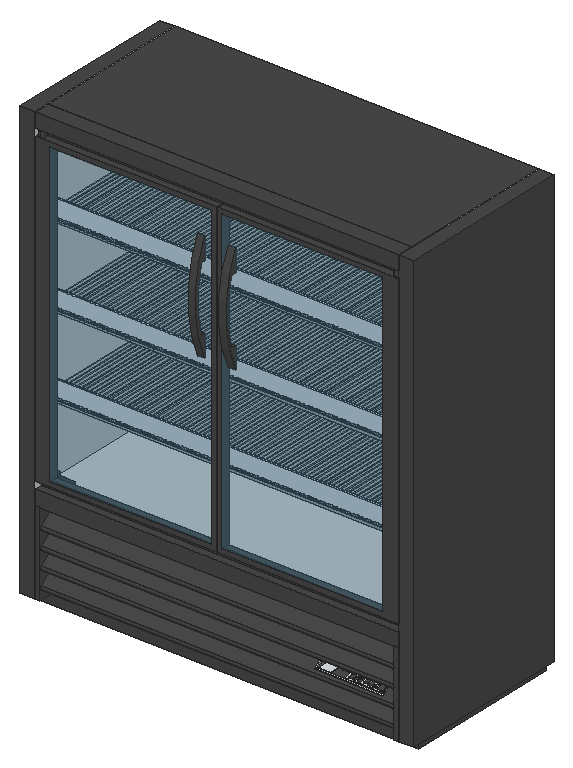
Revit family "QF_TRUE_TVM-48SL-54-HC~VM01", category Specialty Equipment, Revit 2016
Family settings
  Part Type = Normal
  Round Connector Dimension = Use Diameter
  Work Plane-Based = No
  Always vertical = Yes
  Cut with Voids When Loaded = No
  Shared = No
  Room Calculation Point = No
Parameters
  Weight in Pounds = 0
  Watts = if(Phase = 3, Volts * FL Amps * 1.73, Volts * FL Amps)  # 230 W
  Volts = 115 V
  URL Cutsheet = ""
  Specification by User = ""
  Specification by Manufacturer = ""
  Show Seismic Flanged [instance] = no
  Show Logo [instance] = yes
  Show Default [instance] = if(Show 2.5 Inches Castors, or(Show 6 Inches Legs, Show Seismic Flanged), if(Show Seismic Flanged, Show 6 Inches Legs, not(or(Show 6 Inches Legs, Show Seismic Flanged, Show 2.5 Inches Castors))))  # yes
  Show Clearance [instance] = yes
  Show 6 Inches Legs [instance] = no
  Show 2.5 Inches Castors [instance] = no
  Serial Number = ""
  Seismic Rating = ""
  Seismic Flanged [instance] = and(Show Seismic Flanged, not(Show Default))  # no
  SMACNA No = ""
  Revision Code = ""
  Phase = 1
  Number of Poles = 1
  NAFEM Spec ID Number = ""
  Model = "TVM-48SL-54-HC~VM01"
  Min Ckt Ampacity = 0 A
  Max Overcurrent Protection = 0 A
  Masterspec = ""
  Manufacturer = "TRUE"
  Length = 47 1/8"
  Item Number = ""
  Installed By = ""
  Identify Quantity as Lot = yes
  Height [instance] = Body Height + Base Height  # 53 7/8"
  HP = "1/4\""
  Furnished By = ""
  Foodservice Equipment Identifier = yes
  FL Amps = 2 A
  Electrical Remarks = ""
  Electric Connection Type = ""
  Elec Conn RI Height = 0"
  Elec Conn Connection Height = 0"
  Description = "SLIM LINE REFRIGERATOR WITH HYDROCARBON REFRIGERANT~VISUAL MERCHANDISER VERSION 01"
  Depth = 21"
  Cycle = 60 Hz
  Conn Plug = "NEMA 5-15P"
  Conn Conduit = yes
  CSI MasterFormat = ""
  Body Height = 53 5/8"  # constant formula
  Base Height [instance] = if(Show Default, 1/4", if(Show 2.5 Inches Castors, 2 1/2", if(Show 6 Inches Legs, 6", if(Show Seismic Flanged, 6", 1/4"))))  # 1/4"
  Apparent Power = if(Phase = 3, Volts * FL Amps * 1.73, Volts * FL Amps)  # 230 VA
  6 Inches Legs [instance] = and(Show 6 Inches Legs, not(Show Default))  # no
  2.5 Inches Caster [instance] = and(Show 2.5 Inches Castors, not(Show Default))  # no
Reference planes (in)
  plane 1 "BACK": y = 0
  plane 2: z = 0
  plane 3 "LEFT": x = 0
  plane 4 "RIGHT": x = 47.125
  plane 5 "FRONT": y = -21
  plane 6 "TOP": z = 0.25
  plane 7 "Center Y": x = 23.5625
  plane 8 "Center X": y = -10.5
  plane 9: z = 53.875
Dimensions and locks (in)
  equal spacing: plane 3 "LEFT", plane 7 "Center Y", plane 4 "RIGHT"
  "Length": plane 3 "LEFT" to plane 4 "RIGHT"
  equal spacing: plane 5 "FRONT", plane 8 "Center X", plane 1 "BACK"
  "Depth": plane 5 "FRONT" to plane 1 "BACK"
  "Base Height": plane 6 "TOP" to level
  "Body Height": plane 9 to plane 6 "TOP"
  aligned and locked: plane 2 to level
  aligned and locked: nested 1 to plane 6 "TOP"
Nested families (in)
  nested 1: "TVM-48SL-54-HC-VM01" at (0, 0, -0.03897), Show Clearance <- "Show Clearance", Show Logo <- "Show Logo", type "TVM-48SL-54-HC-VM01"
    with Show Clearance yes
  nested 2: "TRUE_L6_C3.25" at (2.125, -17.11577, 0), Show Default <- "Show Default", Show 2.5 Inches Caster <- "2.5 Inches Caster", Show 6 Inches Legs <- "6 Inches Legs", Show Seismic Flanged <- "Seismic Flanged", type "TRUE_L6_C3.25"
    with Type Mark "", Specification by User "", Show Seismic Flanged no, Show Default yes, Show 6 Inches Legs no, Show 2.5 Inches Caster no, Revision Code "", Item Number "", Installed By "", Identify Quantity as Lot yes, Furnished By "", Foodservice Equipment Identifier yes
  nested 3: "TRUE_L6_C3.25" at (45.00419, -17.11577, 0), Show Default <- "Show Default", Show 2.5 Inches Caster <- "2.5 Inches Caster", Show 6 Inches Legs <- "6 Inches Legs", Show Seismic Flanged <- "Seismic Flanged", type "TRUE_L6_C3.25"
    with Type Mark "", Specification by User "", Show Seismic Flanged no, Show Default yes, Show 6 Inches Legs no, Show 2.5 Inches Caster no, Revision Code "", Item Number "", Installed By "", Identify Quantity as Lot yes, Furnished By "", Foodservice Equipment Identifier yes
  nested 4: "TRUE_L6_C3.25" at (2.125, -3.04048, 0), Show Default <- "Show Default", Show 2.5 Inches Caster <- "2.5 Inches Caster", Show 6 Inches Legs <- "6 Inches Legs", Show Seismic Flanged <- "Seismic Flanged", type "TRUE_L6_C3.25"
    with Type Mark "", Specification by User "", Show Seismic Flanged no, Show Default yes, Show 6 Inches Legs no, Show 2.5 Inches Caster no, Revision Code "", Item Number "", Installed By "", Identify Quantity as Lot yes, Furnished By "", Foodservice Equipment Identifier yes
  nested 5: "TRUE_L6_C3.25" at (45.00419, -3.04048, 0), Show Default <- "Show Default", Show 2.5 Inches Caster <- "2.5 Inches Caster", Show 6 Inches Legs <- "6 Inches Legs", Show Seismic Flanged <- "Seismic Flanged", type "TRUE_L6_C3.25"
    with Type Mark "", Specification by User "", Show Seismic Flanged no, Show Default yes, Show 6 Inches Legs no, Show 2.5 Inches Caster no, Revision Code "", Item Number "", Installed By "", Identify Quantity as Lot yes, Furnished By "", Foodservice Equipment Identifier yes
Connectors (in)
  electrical at (23.5625, 0.5, 7.70089), driven by "Volts", driven by "Watts"
    settings: on nested 1, index 1, voltage 115 V, apparent load 230 VA, apparent load phase1 0 VA, apparent load phase2 0 VA, apparent load phase3 0 VA, power factor 1, load classification "Other", number of poles 1, system type 30, power factor state 1, is connector primary yes, connector utility no, sub classification motor no, connector description "ELECTRICAL CONNECTION"
Definition of nested family "TVM-48SL-54-HC-VM01"
  Parameters (values of type "TVM-48SL-54-HC-VM01")
    Weight in Pounds = 0
    Watts = if(Phase = 3, Volts * FL Amps * 1.73, Volts * FL Amps)  # 230 W
    Volts = 115 V
    URL Cutsheet = ""
    Specification by User = ""
    Specification by Manufacturer = ""
    Show Logo [instance] = yes
    Show Clearance [instance] = yes
    Serial Number = ""
    Seismic Rating = ""
    SMACNA No = ""
    Revision Code = ""
    Phase = 1
    Number of Poles = 1
    NAFEM Spec ID Number = ""
    Model = "TVM-48SL-54-HC~VM01"
    Min Ckt Ampacity = 0 A
    Max Overcurrent Protection = 0 A
    Materials and Finishes = none
    Masterspec = ""
    Manufacturer = "TRUE"
    Length = 47 1/8"
    Item Number = ""
    Installed By = ""
    Identify Quantity as Lot = yes
    Height = 53 7/8"
    HP = "1/4"
    Furnished By = ""
    Foodservice Equipment Identifier = yes
    FL Amps = 2 A
    Electrical Remarks = ""
    Electric Connection Type = ""
    Elec Conn RI Height = 0"
    Elec Conn Connection Height = 0"
    Description = "SLIM LINE REFRIGERATOR WITH HYDROCARBON REFRIGERANT~VISUAL MERCHANDISER VERSION 01"
    Depth = 21"
    Cycle = 60 Hz
    Conn Plug = "5-15P"
    Conn Conduit = yes
    CSI MasterFormat = ""
    Apparent Power = if(Phase = 3, Volts * FL Amps * 1.73, Volts * FL Amps)  # 230 VA
  Reference planes (in)
    plane 1 "BACK": y = 0
    plane 2: z = 0
    plane 3 "LEFT": x = 0
    plane 4 "RIGHT": x = 47.125
    plane 5 "FRONT": y = -21
    plane 6 "TOP": z = 53.875
    plane 7 "Center Y": x = 23.5625
    plane 8 "Center X": y = -10.5
    plane 9: y = -22.375
    plane 10: y = -41.125
  Forms (in)
    Extrusion 1, solid
      sketch origin (0, 0, 0) x (1, 0, 0) y (0, 0, 1)
        loop
          line (0, 53.875) -> (0, 1.625) -> (1.75, 1.625) -> (1.75, 53.875) -> (0, 53.875)
        loop
          line (47.125, 53.875) -> (45.375, 53.875) -> (45.375, 1.625) -> (47.125, 1.625) -> (47.125, 53.875)
      from 0 to 21
    Extrusion 2, solid
      sketch origin (0, 0, 0) x (1, 0, 0) y (0, 0, 1)
        loop
          line (1.75, 53.875) -> (1.75, 52.125) -> (45.375, 52.125) -> (45.375, 53.875) -> (1.75, 53.875)
        loop
          line (1.75, 13.44539) -> (1.75, 11.64787) -> (45.375, 11.64787) -> (45.375, 13.44539) -> (1.75, 13.44539)
      from 0 to 19
    Extrusion 3, solid
      sketch origin (0, -21, 0) x (1, 0, 0) y (0, 0, 1)
        loop
          line (1.75, 11.64787) -> (1.75, 1.625) -> (2.3321, 1.625) -> (2.3321, 11.64787) -> (1.75, 11.64787)
        loop
          line (45.375, 11.64787) -> (44.7929, 11.64787) -> (44.7929, 1.625) -> (45.375, 1.625) -> (45.375, 11.64787)
      from 0 to -2
    Extrusion 4, solid
      sketch origin (2.3321, -21, 11.64787) x (0, 0, -1) y (0, 1, 0)
        loop
          line (1.33553, 2) -> (0.70946, 2) -> (2.09835, 0.15689)
          arc (2.09835, 0.15689) -> (2.44846, 0.10768) -> (2.49767, 0.45779) r 0.25
          line (2.49767, 0.45779) -> (1.33553, 2)
        loop
          line (3.49178, 2) -> (2.86571, 2) -> (4.2546, 0.15689)
          arc (4.2546, 0.15689) -> (4.60471, 0.10768) -> (4.65392, 0.45779) r 0.25
          line (4.65392, 0.45779) -> (3.49178, 2)
        loop
          line (5.60436, 2) -> (4.97829, 2) -> (6.36718, 0.15689)
          arc (6.36718, 0.15689) -> (6.71729, 0.10768) -> (6.76649, 0.45779) r 0.25
          line (6.76649, 0.45779) -> (5.60436, 2)
        loop
          line (7.71694, 2) -> (7.09087, 2) -> (8.47976, 0.15689)
          arc (8.47976, 0.15689) -> (8.82987, 0.10768) -> (8.87907, 0.45779) r 0.25
          line (8.87907, 0.45779) -> (7.71694, 2)
      from 0 to 42.46081
    Extrusion 5, solid
      sketch origin (0, 0, 0) x (0, 1, 0) y (0, 0, 1)
        loop
          line (-19, 1.625) -> (-19, 0.28897) -> (0, 0.28897) -> (0, 1.625) -> (-19, 1.625)
      from 1.05016 to 46.1457
    Extrusion 6, solid, material <- "Materials and Finishes"
      sketch origin (0, -21, 0) x (1, 0, 0) y (0, 0, 1)
        loop
          line (1.75, 51.31124) -> (1.75, 14.31124) -> (23.5625, 14.31124) -> (23.5625, 51.31124) -> (1.75, 51.31124)
        loop
          line (3.625, 50.81124) -> (3.625, 14.87374) -> (22.92984, 14.87374) -> (22.92984, 50.81124) -> (3.625, 50.81124)
      from -1 to 0
    Extrusion 7, solid
      sketch origin (0, -21, 0) x (1, 0, 0) y (0, 0, 1)
        loop
          line (3.625, 50.81124) -> (3.625, 14.87374) -> (22.92984, 14.87374) -> (22.92984, 50.81124) -> (3.625, 50.81124)
      from -0.125 to 0
    Extrusion 8, solid, material <- "Materials and Finishes"
      sketch origin (47.125, -21, 0) x (-1, 0, 0) y (0, 0, -1)
        loop
          line (1.75, -51.31124) -> (23.5625, -51.31124) -> (23.5625, -14.31124) -> (1.75, -14.31124) -> (1.75, -51.31124)
        loop
          line (3.625, -50.81124) -> (22.92984, -50.81124) -> (22.92984, -14.87374) -> (3.625, -14.87374) -> (3.625, -50.81124)
      from -1 to 0
    Extrusion 9, solid
      sketch origin (47.125, -21, 0) x (-1, 0, 0) y (0, 0, -1)
        loop
          line (3.625, -50.81124) -> (22.92984, -50.81124) -> (22.92984, -14.87374) -> (3.625, -14.87374) -> (3.625, -50.81124)
      from -0.125 to 0
    Extrusion 10, solid
      sketch origin (0, 0, 0) x (-1, 0, 0) y (0, 0, 1)
        loop
          line (-45.375, 52.125) -> (-45.375, 13.44539) -> (-1.75, 13.44539) -> (-1.75, 52.125) -> (-45.375, 52.125)
        loop
          line (-45.375, 11.64787) -> (-45.375, 1.625) -> (-1.75, 1.625) -> (-1.75, 11.64787) -> (-45.375, 11.64787)
      from 0 to -0.5
    Extrusion 11, solid, material <- "Materials and Finishes"
      sketch origin (1.75, 0, 13.44539) x (1, 0, 0) y (0, 1, 0)
        loop
          circle (0.5821, -18.5) r 0.33333
      from 0.06973 to 0.86585
    Extrusion 12, solid, material <- "Materials and Finishes"
      sketch origin (1.75, 0, 13.44539) x (1, 0, 0) y (0, 1, 0)
        loop
          line (0.72509, -18.865) -> (2.54778, -18.34235) -> (2.54778, -18.12544) -> (0.57462, -18.12544)
          arc (0.57462, -18.12544) -> (0.19727, -18.5873) -> (0.72509, -18.865) r 0.38508
      from 0 to 0.06973
    Extrusion 13, solid, material <- "Materials and Finishes"
      sketch origin (1.75, 0, 13.51513) x (1, 0, 0) y (0, 1, 0)
        loop
          line (0.57462, -18.12544) -> (0.57462, -18.18084) -> (2.54778, -18.18084) -> (2.54778, -18.12544) -> (0.57462, -18.12544)
      from 0 to 0.34326
    Extrusion 14, solid
      sketch origin (45.375, 0, 13.44539) x (-1, 0, 0) y (0, -1, 0)
        loop
          circle (0.5821, 18.5) r 0.33333
      from 0.06973 to 0.86585
    Extrusion 15, solid
      sketch origin (45.375, 0, 13.44539) x (-1, 0, 0) y (0, -1, 0)
        loop
          arc (0.72509, 18.865) -> (0.19727, 18.5873) -> (0.57462, 18.12544) r 0.38508
          line (0.57462, 18.12544) -> (2.54778, 18.12544) -> (2.54778, 18.34235) -> (0.72509, 18.865)
      from 0 to 0.06973
    Extrusion 16, solid
      sketch origin (45.375, 0, 13.51513) x (-1, 0, 0) y (0, -1, 0)
        loop
          line (0.57462, 18.12544) -> (2.54778, 18.12544) -> (2.54778, 18.18084) -> (0.57462, 18.18084) -> (0.57462, 18.12544)
      from 0 to 0.34326
    Extrusion 17, solid, material <- "Materials and Finishes"
      sketch origin (1.75, 0, 52.125) x (0, -1, 0) y (-1, 0, 0)
        loop
          circle (20.5, -0.5821) r 0.33333
      from 0.06973 to 0.86585
    Extrusion 18, solid, material <- "Materials and Finishes"
      sketch origin (1.75, 0, 52.125) x (0, -1, 0) y (-1, 0, 0)
        loop
          arc (20.865, -0.72509) -> (20.5873, -0.19727) -> (20.12544, -0.57462) r 0.38508
          line (20.12544, -0.57462) -> (20.12544, -2.54778) -> (20.34235, -2.54778) -> (20.865, -0.72509)
      from 0 to 0.06973
    Extrusion 19, solid, material <- "Materials and Finishes"
      sketch origin (45.375, 0, 52.125) x (0, 1, 0) y (1, 0, 0)
        loop
          circle (-20.5, -0.5821) r 0.33333
      from 0.06973 to 0.86585
    Extrusion 20, solid, material <- "Materials and Finishes"
      sketch origin (45.375, 0, 52.125) x (0, 1, 0) y (1, 0, 0)
        loop
          line (-20.865, -0.72509) -> (-20.34235, -2.54778) -> (-20.12544, -2.54778) -> (-20.12544, -0.57462)
          arc (-20.12544, -0.57462) -> (-20.5873, -0.19727) -> (-20.865, -0.72509) r 0.38508
      from 0 to 0.06973
    Extrusion 21, solid, material <- "Materials and Finishes"
      sketch origin (1.75, 0, 51.71201) x (0, -1, 0) y (1, 0, 0)
        loop
          line (20.12544, 0.57462) -> (20.18084, 0.57462) -> (20.18084, 2.54778) -> (20.12544, 2.54778) -> (20.12544, 0.57462)
      from 0 to 0.34326
    Extrusion 22, solid, material <- "Materials and Finishes"
      sketch origin (45.375, 0, 51.71201) x (0, 1, 0) y (-1, 0, 0)
        loop
          line (-20.12544, 0.57462) -> (-20.12544, 2.54778) -> (-20.18084, 2.54778) -> (-20.18084, 0.57462) -> (-20.12544, 0.57462)
      from 0 to 0.34326
    Extrusion 23, solid
      sketch origin (0, 0, 0) x (0, 1, 0) y (0, 0, 1)
        loop
          arc (-21, 47.76679) -> (-22.42791, 41.18624) -> (-21, 34.60569) r 15.87728
          line (-21, 34.60569) -> (-21, 37.28351) -> (-21.42204, 37.28351)
          arc (-21.42204, 37.28351) -> (-21.59429, 37.34185) -> (-21.69564, 37.49287) r 0.28347
          arc (-21.69564, 37.49287) -> (-22.19319, 41.21217) -> (-21.70658, 44.93293) r 14.30744
          arc (-21.70658, 44.93293) -> (-21.63141, 45.04547) -> (-21.50325, 45.08898) r 0.21048
          line (-21.50325, 45.08898) -> (-21, 45.08898) -> (-21, 47.76679)
      from 21.28857 to 22.16773
    Extrusion 24, solid
      sketch origin (47.125, 0, 0) x (0, 1, 0) y (0, 0, -1)
        loop
          line (-21, -47.76679) -> (-21, -45.08898) -> (-21.50325, -45.08898)
          arc (-21.50325, -45.08898) -> (-21.63141, -45.04547) -> (-21.70658, -44.93293) r 0.21048
          arc (-21.70658, -44.93293) -> (-22.19319, -41.21217) -> (-21.69564, -37.49287) r 14.30744
          arc (-21.69564, -37.49287) -> (-21.59429, -37.34185) -> (-21.42204, -37.28351) r 0.28347
          line (-21.42204, -37.28351) -> (-21, -37.28351) -> (-21, -34.60569)
          arc (-21, -34.60569) -> (-22.42791, -41.18624) -> (-21, -47.76679) r 15.87728
      from 21.28857 to 22.16773
    Extrusion 25, solid
      sketch origin (0, 0, 0) x (-1, 0, 0) y (0, 0, 1)
        loop
          circle (-23.5625, 7.73985) r 0.5
      from 0 to 0.5
    Extrusion 26, solid
      sketch origin (0, 0, 0) x (1, 0, 0) y (0, 0, 1)
        loop
          line (1.75, 53.875) -> (1.75, 52.125) -> (45.375, 52.125) -> (45.375, 53.875) -> (1.75, 53.875)
        loop
          line (1.75, 13.44539) -> (1.75, 11.64787) -> (45.375, 11.64787) -> (45.375, 13.44539) -> (1.75, 13.44539)
      from 21 to 19
    Extrusion 27, solid, visible <- "Show Clearance", detail levels coarse
      sketch origin (0, 0, 0) x (1, 0, 0) y (0, 1, 0)
        loop
          line (1.75, -21) -> (1.75, -41.125)
          arc (1.75, -41.125) -> (16.55288, -35.49628) -> (22.92984, -21) r 20.5037
          line (22.92984, -21) -> (1.75, -21)
        loop
          line (45.375, -21) -> (24.19516, -21)
          arc (24.19516, -21) -> (30.57212, -35.49628) -> (45.375, -41.125) r 20.5037
          line (45.375, -41.125) -> (45.375, -21)
      from 14.31124 to 51.31124
    Extrusion 28, solid
      sketch origin (0, 0, 0) x (0, 1, 0) y (0, 0, 1)
        loop
          line (-20, 51.31124) -> (-20, 52.125) -> (-20.08655, 52.125) -> (-20.08655, 51.31124) -> (-20, 51.31124)
        loop
          line (-20, 14.31124) -> (-20.08655, 14.31124) -> (-20.08655, 13.44539) -> (-20, 13.44539) -> (-20, 14.31124)
      from 0 to 45.375
    Extrusion 29, solid
      sketch origin (-6.9261, -176.1875, 22.8653) x (-1, 0, 0) y (0, -1, 0)
        loop
          line (-8.70735, -175.875) -> (-8.70735, -156.1875) -> (-52.26985, -156.1875) -> (-52.26985, -175.875) -> (-8.70735, -175.875)
        loop
          line (-8.95735, -175.625) -> (-8.95735, -156.375) -> (-52.01985, -156.375) -> (-52.01985, -175.625) -> (-8.95735, -175.625)
      from 0 to 0.25
    Extrusion 30, solid
      sketch origin (0.03125, 3.8125, -3.61908) x (1, 0, 0) y (0, 0, 1)
        loop
          circle (10.1875, 26.73438) r 0.125
        loop
          circle (9.6875, 26.73438) r 0.125
        loop
          circle (9.1875, 26.73438) r 0.125
        loop
          circle (8.6875, 26.73438) r 0.125
        loop
          circle (8.1875, 26.73438) r 0.125
        loop
          circle (7.6875, 26.73438) r 0.125
        loop
          circle (7.1875, 26.73438) r 0.125
        loop
          circle (6.6875, 26.73438) r 0.125
        loop
          circle (6.1875, 26.73438) r 0.125
        loop
          circle (5.6875, 26.73438) r 0.125
        loop
          circle (5.1875, 26.73438) r 0.125
        loop
          circle (4.6875, 26.73438) r 0.125
        loop
          circle (4.1875, 26.73438) r 0.125
        loop
          circle (3.6875, 26.73438) r 0.125
        loop
          circle (3.1875, 26.73438) r 0.125
        loop
          circle (2.6875, 26.73438) r 0.125
        loop
          circle (2.1875, 26.73438) r 0.125
        loop
          circle (10.6875, 26.73438) r 0.125
        loop
          circle (11.1875, 26.73438) r 0.125
        loop
          circle (11.6875, 26.73438) r 0.125
        loop
          circle (12.1875, 26.73438) r 0.125
        loop
          circle (12.6875, 26.73438) r 0.125
        loop
          circle (13.1875, 26.73438) r 0.125
        loop
          circle (13.6875, 26.73438) r 0.125
        loop
          circle (14.1875, 26.73438) r 0.125
        loop
          circle (14.6875, 26.73438) r 0.125
        loop
          circle (15.1875, 26.73438) r 0.125
        loop
          circle (15.6875, 26.73438) r 0.125
        loop
          circle (16.1875, 26.73438) r 0.125
        loop
          circle (16.6875, 26.73438) r 0.125
        loop
          circle (17.1875, 26.73438) r 0.125
        loop
          circle (17.6875, 26.73438) r 0.125
        loop
          circle (18.1875, 26.73438) r 0.125
        loop
          circle (26.1875, 26.73438) r 0.125
        loop
          circle (25.6875, 26.73438) r 0.125
        loop
          circle (25.1875, 26.73438) r 0.125
        loop
          circle (24.6875, 26.73438) r 0.125
        loop
          circle (24.1875, 26.73438) r 0.125
        loop
          circle (23.6875, 26.73438) r 0.125
        loop
          circle (23.1875, 26.73438) r 0.125
        loop
          circle (22.6875, 26.73438) r 0.125
        loop
          circle (22.1875, 26.73438) r 0.125
        loop
          circle (21.6875, 26.73438) r 0.125
        loop
          circle (21.1875, 26.73438) r 0.125
        loop
          circle (20.6875, 26.73438) r 0.125
        loop
          circle (20.1875, 26.73438) r 0.125
        loop
          circle (19.6875, 26.73438) r 0.125
        loop
          circle (19.1875, 26.73438) r 0.125
        loop
          circle (18.6875, 26.73438) r 0.125
        loop
          circle (26.6875, 26.73438) r 0.125
        loop
          circle (27.1875, 26.73438) r 0.125
        loop
          circle (27.6875, 26.73438) r 0.125
        loop
          circle (28.1875, 26.73438) r 0.125
        loop
          circle (28.6875, 26.73438) r 0.125
        loop
          circle (29.1875, 26.73438) r 0.125
        loop
          circle (29.6875, 26.73438) r 0.125
        loop
          circle (30.1875, 26.73438) r 0.125
        loop
          circle (30.6875, 26.73438) r 0.125
        loop
          circle (31.1875, 26.73438) r 0.125
        loop
          circle (31.6875, 26.73438) r 0.125
        loop
          circle (32.1875, 26.73438) r 0.125
        loop
          circle (32.6875, 26.73438) r 0.125
        loop
          circle (33.1875, 26.73438) r 0.125
        loop
          circle (33.6875, 26.73438) r 0.125
        loop
          circle (34.1875, 26.73438) r 0.125
        loop
          circle (42.1875, 26.73438) r 0.125
        loop
          circle (41.6875, 26.73438) r 0.125
        loop
          circle (41.1875, 26.73438) r 0.125
        loop
          circle (40.6875, 26.73438) r 0.125
        loop
          circle (40.1875, 26.73438) r 0.125
        loop
          circle (39.6875, 26.73438) r 0.125
        loop
          circle (39.1875, 26.73438) r 0.125
        loop
          circle (38.6875, 26.73438) r 0.125
        loop
          circle (38.1875, 26.73438) r 0.125
        loop
          circle (37.6875, 26.73438) r 0.125
        loop
          circle (37.1875, 26.73438) r 0.125
        loop
          circle (36.6875, 26.73438) r 0.125
        loop
          circle (36.1875, 26.73438) r 0.125
        loop
          circle (35.6875, 26.73438) r 0.125
        loop
          circle (35.1875, 26.73438) r 0.125
        loop
          circle (34.6875, 26.73438) r 0.125
        loop
          circle (42.6875, 26.73438) r 0.125
        loop
          circle (43.1875, 26.73438) r 0.125
        loop
          circle (43.6875, 26.73438) r 0.125
        loop
          circle (44.1875, 26.73438) r 0.125
        loop
          circle (44.6875, 26.73438) r 0.125
      from 4.375 to 23.625
    Extrusion 31, solid
      sketch origin (0, 0, 0) x (0, 1, 0) y (0, 0, 1)
        loop
          line (-19.60938, 23.1153) -> (-19.35938, 23.1153) -> (-19.35938, 25.1153) -> (-19.60938, 25.1153) -> (-19.60938, 23.1153)
      from 0 to 45.375
    Extrusion 32, solid
      sketch origin (-6.9261, -176.1875, 32.5352) x (-1, 0, 0) y (0, -1, 0)
        loop
          line (-8.70735, -175.875) -> (-8.70735, -156.1875) -> (-52.26985, -156.1875) -> (-52.26985, -175.875) -> (-8.70735, -175.875)
        loop
          line (-8.95735, -175.625) -> (-8.95735, -156.375) -> (-52.01985, -156.375) -> (-52.01985, -175.625) -> (-8.95735, -175.625)
      from 0 to 0.25
    Extrusion 33, solid
      sketch origin (0.03125, 3.8125, 6.05082) x (1, 0, 0) y (0, 0, 1)
        loop
          circle (10.1875, 26.73438) r 0.125
        loop
          circle (9.6875, 26.73438) r 0.125
        loop
          circle (9.1875, 26.73438) r 0.125
        loop
          circle (8.6875, 26.73438) r 0.125
        loop
          circle (8.1875, 26.73438) r 0.125
        loop
          circle (7.6875, 26.73438) r 0.125
        loop
          circle (7.1875, 26.73438) r 0.125
        loop
          circle (6.6875, 26.73438) r 0.125
        loop
          circle (6.1875, 26.73438) r 0.125
        loop
          circle (5.6875, 26.73438) r 0.125
        loop
          circle (5.1875, 26.73438) r 0.125
        loop
          circle (4.6875, 26.73438) r 0.125
        loop
          circle (4.1875, 26.73438) r 0.125
        loop
          circle (3.6875, 26.73438) r 0.125
        loop
          circle (3.1875, 26.73438) r 0.125
        loop
          circle (2.6875, 26.73438) r 0.125
        loop
          circle (2.1875, 26.73438) r 0.125
        loop
          circle (10.6875, 26.73438) r 0.125
        loop
          circle (11.1875, 26.73438) r 0.125
        loop
          circle (11.6875, 26.73438) r 0.125
        loop
          circle (12.1875, 26.73438) r 0.125
        loop
          circle (12.6875, 26.73438) r 0.125
        loop
          circle (13.1875, 26.73438) r 0.125
        loop
          circle (13.6875, 26.73438) r 0.125
        loop
          circle (14.1875, 26.73438) r 0.125
        loop
          circle (14.6875, 26.73438) r 0.125
        loop
          circle (15.1875, 26.73438) r 0.125
        loop
          circle (15.6875, 26.73438) r 0.125
        loop
          circle (16.1875, 26.73438) r 0.125
        loop
          circle (16.6875, 26.73438) r 0.125
        loop
          circle (17.1875, 26.73438) r 0.125
        loop
          circle (17.6875, 26.73438) r 0.125
        loop
          circle (18.1875, 26.73438) r 0.125
        loop
          circle (26.1875, 26.73438) r 0.125
        loop
          circle (25.6875, 26.73438) r 0.125
        loop
          circle (25.1875, 26.73438) r 0.125
        loop
          circle (24.6875, 26.73438) r 0.125
        loop
          circle (24.1875, 26.73438) r 0.125
        loop
          circle (23.6875, 26.73438) r 0.125
        loop
          circle (23.1875, 26.73438) r 0.125
        loop
          circle (22.6875, 26.73438) r 0.125
        loop
          circle (22.1875, 26.73438) r 0.125
        loop
          circle (21.6875, 26.73438) r 0.125
        loop
          circle (21.1875, 26.73438) r 0.125
        loop
          circle (20.6875, 26.73438) r 0.125
        loop
          circle (20.1875, 26.73438) r 0.125
        loop
          circle (19.6875, 26.73438) r 0.125
        loop
          circle (19.1875, 26.73438) r 0.125
        loop
          circle (18.6875, 26.73438) r 0.125
        loop
          circle (26.6875, 26.73438) r 0.125
        loop
          circle (27.1875, 26.73438) r 0.125
        loop
          circle (27.6875, 26.73438) r 0.125
        loop
          circle (28.1875, 26.73438) r 0.125
        loop
          circle (28.6875, 26.73438) r 0.125
        loop
          circle (29.1875, 26.73438) r 0.125
        loop
          circle (29.6875, 26.73438) r 0.125
        loop
          circle (30.1875, 26.73438) r 0.125
        loop
          circle (30.6875, 26.73438) r 0.125
        loop
          circle (31.1875, 26.73438) r 0.125
        loop
          circle (31.6875, 26.73438) r 0.125
        loop
          circle (32.1875, 26.73438) r 0.125
        loop
          circle (32.6875, 26.73438) r 0.125
        loop
          circle (33.1875, 26.73438) r 0.125
        loop
          circle (33.6875, 26.73438) r 0.125
        loop
          circle (34.1875, 26.73438) r 0.125
        loop
          circle (42.1875, 26.73438) r 0.125
        loop
          circle (41.6875, 26.73438) r 0.125
        loop
          circle (41.1875, 26.73438) r 0.125
        loop
          circle (40.6875, 26.73438) r 0.125
        loop
          circle (40.1875, 26.73438) r 0.125
        loop
          circle (39.6875, 26.73438) r 0.125
        loop
          circle (39.1875, 26.73438) r 0.125
        loop
          circle (38.6875, 26.73438) r 0.125
        loop
          circle (38.1875, 26.73438) r 0.125
        loop
          circle (37.6875, 26.73438) r 0.125
        loop
          circle (37.1875, 26.73438) r 0.125
        loop
          circle (36.6875, 26.73438) r 0.125
        loop
          circle (36.1875, 26.73438) r 0.125
        loop
          circle (35.6875, 26.73438) r 0.125
        loop
          circle (35.1875, 26.73438) r 0.125
        loop
          circle (34.6875, 26.73438) r 0.125
        loop
          circle (42.6875, 26.73438) r 0.125
        loop
          circle (43.1875, 26.73438) r 0.125
        loop
          circle (43.6875, 26.73438) r 0.125
        loop
          circle (44.1875, 26.73438) r 0.125
        loop
          circle (44.6875, 26.73438) r 0.125
      from 4.375 to 23.625
    Extrusion 34, solid
      sketch origin (0, 0, 9.6699) x (0, 1, 0) y (0, 0, 1)
        loop
          line (-19.60938, 23.1153) -> (-19.35938, 23.1153) -> (-19.35938, 25.1153) -> (-19.60938, 25.1153) -> (-19.60938, 23.1153)
      from 0 to 45.375
    Extrusion 35, solid
      sketch origin (-6.9261, -176.1875, 42.2051) x (-1, 0, 0) y (0, -1, 0)
        loop
          line (-8.70735, -175.875) -> (-8.70735, -156.1875) -> (-52.26985, -156.1875) -> (-52.26985, -175.875) -> (-8.70735, -175.875)
        loop
          line (-8.95735, -175.625) -> (-8.95735, -156.375) -> (-52.01985, -156.375) -> (-52.01985, -175.625) -> (-8.95735, -175.625)
      from 0 to 0.25
    Extrusion 36, solid
      sketch origin (0.03125, 3.8125, 15.72072) x (1, 0, 0) y (0, 0, 1)
        loop
          circle (10.1875, 26.73438) r 0.125
        loop
          circle (9.6875, 26.73438) r 0.125
        loop
          circle (9.1875, 26.73438) r 0.125
        loop
          circle (8.6875, 26.73438) r 0.125
        loop
          circle (8.1875, 26.73438) r 0.125
        loop
          circle (7.6875, 26.73438) r 0.125
        loop
          circle (7.1875, 26.73438) r 0.125
        loop
          circle (6.6875, 26.73438) r 0.125
        loop
          circle (6.1875, 26.73438) r 0.125
        loop
          circle (5.6875, 26.73438) r 0.125
        loop
          circle (5.1875, 26.73438) r 0.125
        loop
          circle (4.6875, 26.73438) r 0.125
        loop
          circle (4.1875, 26.73438) r 0.125
        loop
          circle (3.6875, 26.73438) r 0.125
        loop
          circle (3.1875, 26.73438) r 0.125
        loop
          circle (2.6875, 26.73438) r 0.125
        loop
          circle (2.1875, 26.73438) r 0.125
        loop
          circle (10.6875, 26.73438) r 0.125
        loop
          circle (11.1875, 26.73438) r 0.125
        loop
          circle (11.6875, 26.73438) r 0.125
        loop
          circle (12.1875, 26.73438) r 0.125
        loop
          circle (12.6875, 26.73438) r 0.125
        loop
          circle (13.1875, 26.73438) r 0.125
        loop
          circle (13.6875, 26.73438) r 0.125
        loop
          circle (14.1875, 26.73438) r 0.125
        loop
          circle (14.6875, 26.73438) r 0.125
        loop
          circle (15.1875, 26.73438) r 0.125
        loop
          circle (15.6875, 26.73438) r 0.125
        loop
          circle (16.1875, 26.73438) r 0.125
        loop
          circle (16.6875, 26.73438) r 0.125
        loop
          circle (17.1875, 26.73438) r 0.125
        loop
          circle (17.6875, 26.73438) r 0.125
        loop
          circle (18.1875, 26.73438) r 0.125
        loop
          circle (26.1875, 26.73438) r 0.125
        loop
          circle (25.6875, 26.73438) r 0.125
        loop
          circle (25.1875, 26.73438) r 0.125
        loop
          circle (24.6875, 26.73438) r 0.125
        loop
          circle (24.1875, 26.73438) r 0.125
        loop
          circle (23.6875, 26.73438) r 0.125
        loop
          circle (23.1875, 26.73438) r 0.125
        loop
          circle (22.6875, 26.73438) r 0.125
        loop
          circle (22.1875, 26.73438) r 0.125
        loop
          circle (21.6875, 26.73438) r 0.125
        loop
          circle (21.1875, 26.73438) r 0.125
        loop
          circle (20.6875, 26.73438) r 0.125
        loop
          circle (20.1875, 26.73438) r 0.125
        loop
          circle (19.6875, 26.73438) r 0.125
        loop
          circle (19.1875, 26.73438) r 0.125
        loop
          circle (18.6875, 26.73438) r 0.125
        loop
          circle (26.6875, 26.73438) r 0.125
        loop
          circle (27.1875, 26.73438) r 0.125
        loop
          circle (27.6875, 26.73438) r 0.125
        loop
          circle (28.1875, 26.73438) r 0.125
        loop
          circle (28.6875, 26.73438) r 0.125
        loop
          circle (29.1875, 26.73438) r 0.125
        loop
          circle (29.6875, 26.73438) r 0.125
        loop
          circle (30.1875, 26.73438) r 0.125
        loop
          circle (30.6875, 26.73438) r 0.125
        loop
          circle (31.1875, 26.73438) r 0.125
        loop
          circle (31.6875, 26.73438) r 0.125
        loop
          circle (32.1875, 26.73438) r 0.125
        loop
          circle (32.6875, 26.73438) r 0.125
        loop
          circle (33.1875, 26.73438) r 0.125
        loop
          circle (33.6875, 26.73438) r 0.125
        loop
          circle (34.1875, 26.73438) r 0.125
        loop
          circle (42.1875, 26.73438) r 0.125
        loop
          circle (41.6875, 26.73438) r 0.125
        loop
          circle (41.1875, 26.73438) r 0.125
        loop
          circle (40.6875, 26.73438) r 0.125
        loop
          circle (40.1875, 26.73438) r 0.125
        loop
          circle (39.6875, 26.73438) r 0.125
        loop
          circle (39.1875, 26.73438) r 0.125
        loop
          circle (38.6875, 26.73438) r 0.125
        loop
          circle (38.1875, 26.73438) r 0.125
        loop
          circle (37.6875, 26.73438) r 0.125
        loop
          circle (37.1875, 26.73438) r 0.125
        loop
          circle (36.6875, 26.73438) r 0.125
        loop
          circle (36.1875, 26.73438) r 0.125
        loop
          circle (35.6875, 26.73438) r 0.125
        loop
          circle (35.1875, 26.73438) r 0.125
        loop
          circle (34.6875, 26.73438) r 0.125
        loop
          circle (42.6875, 26.73438) r 0.125
        loop
          circle (43.1875, 26.73438) r 0.125
        loop
          circle (43.6875, 26.73438) r 0.125
        loop
          circle (44.1875, 26.73438) r 0.125
        loop
          circle (44.6875, 26.73438) r 0.125
      from 4.375 to 23.625
    Extrusion 37, solid
      sketch origin (0, 0, 19.3398) x (0, 1, 0) y (0, 0, 1)
        loop
          line (-19.60938, 23.1153) -> (-19.35938, 23.1153) -> (-19.35938, 25.1153) -> (-19.60938, 25.1153) -> (-19.60938, 23.1153)
      from 0 to 45.375
    Extrusion 38, solid, material <- "Materials and Finishes"
      sketch origin (0, 0, 0) x (0, 1, 0) y (0, 0, 1)
        loop
          line (-19, 11.64787) -> (-19, 1.625) -> (-0.5, 1.625) -> (-0.5, 11.64787) -> (-19, 11.64787)
      from 2.3321 to 44.7929
  Cuts and joins
    joined: Extrusion 2, Extrusion 10
  Lines and regions (in)
    symbolic lines
      curve 1: line (0, 0, 0) -> (47.125, 0, 0)
      curve 2: line (0, -21, 0) -> (0, 0, 0)
      curve 3: line (47.125, -21, 0) -> (0, -21, 0)
      curve 4: line (47.125, 0, 0) -> (47.125, -21, 0)
      curve 5: line (1.75, 0, 0) -> (1.75, -21, 0)
      curve 6: line (45.375, -21, 0) -> (45.375, 0, 0)
      curve 7: line (1.75, -21, 0) -> (19.84805, -31.44891, 0)
      curve 8: arc (19.84805, -31.44891, 0) -> (22.0956, -26.43288, 0) -> (22.92984, -21, 0) r 20.5037
      curve 9: line (45.375, -21, 0) -> (27.27695, -31.44891, 0)
      curve 10: arc (27.27695, -31.44891, 0) -> (25.0294, -26.43288, 0) -> (24.19516, -21, 0) r 20.5037
  Dimensions and locks (in)
    equal spacing: plane 3 "LEFT", plane 7 "Center Y", plane 4 "RIGHT"
    "Length": plane 3 "LEFT" to plane 4 "RIGHT"
    equal spacing: plane 5 "FRONT", plane 8 "Center X", plane 1 "BACK"
    "Depth": plane 5 "FRONT" to plane 1 "BACK"
    "Height": plane 6 "TOP" to level
    plane 5 "FRONT" to plane 1 "BACK" = 21"
    plane 4 "RIGHT" to plane 3 "LEFT" = 47 1/8"
    plane 9 to plane 1 "BACK" = 22 3/8"
    plane 9 to plane 5 "FRONT" = 1 3/8"
    plane 10 to plane 1 "BACK" = 41 1/8"
    aligned and locked: plane 2 to level
  Automatic sketch dimensions
    plane 1 "BACK" to curve 1 = 0"
    curve 1 to plane 3 "LEFT" = 0"
    plane 5 "FRONT" to curve 7 = 0"
    curve 4 to plane 4 "RIGHT" = 0"
    curve 8 to plane 5 "FRONT" = 0.36744"
    plane 3 "LEFT" to curve 8 = 2.42943"
    curve 7 to plane 7 "Center Y" = 3.71445"
    plane 7 "Center Y" to curve 9 = 3.71445"
    curve 10 to plane 5 "FRONT" = 0.36744"
    plane 4 "RIGHT" to curve 10 = 2.42943"
    plane 9 to curve 7 = 9.07391"
    curve 7 to curve 9 = 0"
    curve 7 to curve 8 = 0.67943"
    plane 3 "LEFT" to curve 5 = 1 3/4"
    curve 10 to curve 6 = 0.67943"
    curve 9 to curve 6 = 0"
    Extrusion 1 sketch curve to plane 3 "LEFT" = 0"
    Extrusion 1 sketch curve to plane 6 "TOP" = 0"  (x2)
    plane 4 "RIGHT" to Extrusion 1 sketch curve = 0"
    plane 3 "LEFT" to Extrusion 1 sketch curve = 1 3/4"
    Extrusion 1 sketch curve to Extrusion 1 sketch curve = 1 3/4"
    level to Extrusion 1 sketch curve = 1 5/8"  (x2)
    Extrusion 2 sketch curve to plane 6 "TOP" = 0"
    plane 3 "LEFT" to Extrusion 2 sketch curve = 1 3/4"  (x2)
    plane 4 "RIGHT" to Extrusion 2 sketch curve = 1 3/4"  (x2)
    Extrusion 2 sketch curve to plane 6 "TOP" = 1 3/4"
    Extrusion 3 sketch curve to Extrusion 1 = 0"  (x3)
    Extrusion 1 to Extrusion 3 sketch curve = 0"
    Extrusion 3 sketch curve to Extrusion 3 sketch curve = 0.5821"
    Extrusion 1 to Extrusion 3 sketch curve = 0.5821"
    Extrusion 3 sketch curve to Extrusion 1 = 10.02287"  (x2)
    Extrusion 4 sketch curve to Extrusion 3 = 0"  (x4)
    Extrusion 3 to Extrusion 4 sketch curve = 0.70946"
    Extrusion 4 sketch curve to Extrusion 4 sketch curve = 0.62607"  (x4)
    Extrusion 3 to Extrusion 4 sketch curve = 0.15689"  (x4)
    Extrusion 4 sketch curve to Extrusion 4 sketch curve = 0.76282"
    Extrusion 4 sketch curve to Extrusion 4 sketch curve = 0.19966"  (x8)
    Extrusion 3 to Extrusion 4 sketch curve = 0.45779"  (x4)
    Extrusion 4 sketch curve to Extrusion 4 sketch curve = 1.53018"
    Extrusion 4 sketch curve to Extrusion 4 sketch curve = 1.75693"
    Extrusion 4 sketch curve to Extrusion 4 sketch curve = 1.48651"  (x2)
    Extrusion 4 sketch curve to Extrusion 4 sketch curve = 1.71326"
    Extrusion 3 to Extrusion 4 sketch curve = 1.54312"
    Extrusion 5 sketch curve to plane 1 "BACK" = 0"
    Extrusion 5 sketch curve to plane 5 "FRONT" = 2"
    level to Extrusion 5 sketch curve = 0.28897"
    Extrusion 5 sketch curve to Extrusion 5 sketch curve = 1.33603"
    Extrusion 6 sketch curve to Extrusion 1 = 0"
    Extrusion 1 to Extrusion 6 sketch curve = 1 7/8"
    Extrusion 6 sketch curve to Extrusion 1 = 3.06376"
    Extrusion 6 sketch curve to Extrusion 6 sketch curve = 19.30484"
    Extrusion 6 sketch curve to Extrusion 6 sketch curve = 0.63266"
    Extrusion 6 sketch curve to Extrusion 1 = 13.24874"
    Extrusion 6 sketch curve to Extrusion 6 sketch curve = 9/16"
    Extrusion 6 sketch curve to Extrusion 6 sketch curve = 1/2"
    Extrusion 1 to Extrusion 7 sketch curve = 1 7/8"
    Extrusion 7 sketch curve to Extrusion 7 sketch curve = 19.30484"
    Extrusion 7 sketch curve to Extrusion 1 = 13.24874"
    Extrusion 7 sketch curve to Extrusion 1 = 3.06376"
    Extrusion 1 to Extrusion 8 sketch curve = 0"
    Extrusion 1 to Extrusion 8 sketch curve = 1 7/8"
    Extrusion 8 sketch curve to Extrusion 1 = 3.06376"
    Extrusion 8 sketch curve to Extrusion 8 sketch curve = 19.30484"
    Extrusion 8 sketch curve to Extrusion 8 sketch curve = 0.63266"
    Extrusion 8 sketch curve to Extrusion 8 sketch curve = 1/2"
    Extrusion 8 sketch curve to Extrusion 1 = 13.24874"
    Extrusion 8 sketch curve to Extrusion 8 sketch curve = 9/16"
    Extrusion 1 to Extrusion 9 sketch curve = 1 7/8"
    Extrusion 9 sketch curve to Extrusion 9 sketch curve = 19.30484"
    Extrusion 9 sketch curve to Extrusion 1 = 3.06376"
    Extrusion 9 sketch curve to Extrusion 1 = 13.24874"
    Extrusion 10 sketch curve to Extrusion 2 = 0"  (x7)
    Extrusion 2 to Extrusion 10 sketch curve = 10.02287"
    Extrusion 11 sketch curve to Extrusion 2 = 0.5821"
    Extrusion 2 to Extrusion 11 sketch curve = 1/2"
    Extrusion 12 sketch curve to Extrusion 2 = 0.57462"
    Extrusion 2 to Extrusion 12 sketch curve = 0.135"
    Extrusion 12 sketch curve to Extrusion 12 sketch curve = 0.15046"
    Extrusion 2 to Extrusion 12 sketch curve = 0.65765"
    Extrusion 12 sketch curve to Extrusion 12 sketch curve = 1.82269"
    Extrusion 12 sketch curve to Extrusion 12 sketch curve = 0.35447"
    Extrusion 13 sketch curve to Extrusion 12 = 0"  (x2)
    Extrusion 13 sketch curve to Extrusion 13 sketch curve = 1.97315"
    Extrusion 13 sketch curve to Extrusion 12 = 0.0554"
    Extrusion 14 sketch curve to Extrusion 2 = 0.5821"
    Extrusion 2 to Extrusion 14 sketch curve = 1/2"
    Extrusion 15 sketch curve to Extrusion 2 = 0.57462"
    Extrusion 2 to Extrusion 15 sketch curve = 0.135"
    Extrusion 15 sketch curve to Extrusion 15 sketch curve = 0.15046"
    Extrusion 2 to Extrusion 15 sketch curve = 0.65765"
    Extrusion 15 sketch curve to Extrusion 15 sketch curve = 1.82269"
    Extrusion 15 sketch curve to Extrusion 15 sketch curve = 0.21691"
    Extrusion 16 sketch curve to Extrusion 15 = 0"  (x2)
    Extrusion 16 sketch curve to Extrusion 15 = 1.97315"
    Extrusion 16 sketch curve to Extrusion 15 = 0.0554"
    Extrusion 17 sketch curve to plane 5 "FRONT" = 1/2"
    plane 3 "LEFT" to Extrusion 17 sketch curve = 2.3321"
    Extrusion 18 sketch curve to plane 5 "FRONT" = 0.87456"
    Extrusion 18 sketch curve to Extrusion 18 sketch curve = 0.21691"
    Extrusion 18 sketch curve to Extrusion 18 sketch curve = 0.38508"
    Extrusion 18 sketch curve to plane 5 "FRONT" = 0.135"
    plane 3 "LEFT" to Extrusion 18 sketch curve = 2.32462"
    Extrusion 18 sketch curve to Extrusion 18 sketch curve = 1.82269"
    Extrusion 19 sketch curve to plane 5 "FRONT" = 1/2"
    plane 4 "RIGHT" to Extrusion 19 sketch curve = 2.3321"
    Extrusion 20 sketch curve to plane 5 "FRONT" = 0.135"
    Extrusion 20 sketch curve to Extrusion 20 sketch curve = 0.35447"
    Extrusion 20 sketch curve to plane 5 "FRONT" = 0.65765"
    Extrusion 20 sketch curve to Extrusion 20 sketch curve = 0.21691"
    plane 4 "RIGHT" to Extrusion 20 sketch curve = 2.32462"
    Extrusion 20 sketch curve to Extrusion 20 sketch curve = 1.82269"
    Extrusion 21 sketch curve to plane 5 "FRONT" = 0.87456"
    Extrusion 21 sketch curve to Extrusion 21 sketch curve = 0.0554"
    plane 3 "LEFT" to Extrusion 21 sketch curve = 2.32462"
    Extrusion 21 sketch curve to Extrusion 21 sketch curve = 1.97315"
    Extrusion 22 sketch curve to plane 5 "FRONT" = 0.81916"
    Extrusion 22 sketch curve to Extrusion 22 sketch curve = 0.0554"
    plane 4 "RIGHT" to Extrusion 22 sketch curve = 2.32462"
    Extrusion 22 sketch curve to Extrusion 22 sketch curve = 1.97315"
    Extrusion 23 sketch curve to plane 5 "FRONT" = 0"  (x2)
    plane 5 "FRONT" to Extrusion 23 sketch curve = 0.42204"
    plane 5 "FRONT" to Extrusion 23 sketch curve = 0.50325"
    plane 8 "Center X" to Extrusion 23 sketch curve = 2.61423"
    Extrusion 23 sketch curve to Extrusion 23 sketch curve = 1.33514"
    Extrusion 23 sketch curve to Extrusion 23 sketch curve = 0.28347"
    Extrusion 23 sketch curve to Extrusion 23 sketch curve = 0.21048"
    Extrusion 23 sketch curve to Extrusion 23 sketch curve = 0"
    Extrusion 24 sketch curve to plane 5 "FRONT" = 0"  (x2)
    plane 5 "FRONT" to Extrusion 24 sketch curve = 0.42204"
    plane 5 "FRONT" to Extrusion 24 sketch curve = 0.50325"
    plane 8 "Center X" to Extrusion 24 sketch curve = 2.61423"
    Extrusion 24 sketch curve to Extrusion 24 sketch curve = 1.33514"
    Extrusion 24 sketch curve to Extrusion 24 sketch curve = 0.21048"
    Extrusion 24 sketch curve to Extrusion 24 sketch curve = 2.67782"
    Extrusion 24 sketch curve to Extrusion 24 sketch curve = 2.96128"
    Extrusion 24 sketch curve to Extrusion 24 sketch curve = 0.28347"
    Extrusion 24 sketch curve to Extrusion 24 sketch curve = 0"
    Extrusion 2 to Extrusion 25 sketch curve = 3.90802"
    Extrusion 25 sketch curve to Extrusion 2 = 21 13/16"
    Extrusion 26 sketch curve to plane 6 "TOP" = 0"
    plane 3 "LEFT" to Extrusion 26 sketch curve = 1 3/4"  (x2)
    plane 4 "RIGHT" to Extrusion 26 sketch curve = 1 3/4"  (x2)
    Extrusion 26 sketch curve to plane 6 "TOP" = 1 3/4"
    plane 10 to Extrusion 27 sketch curve = 0"  (x2)
    plane 5 "FRONT" to Extrusion 27 sketch curve = 0"  (x2)
    plane 3 "LEFT" to Extrusion 27 sketch curve = 1 3/4"
    Extrusion 27 sketch curve to plane 5 "FRONT" = 0.36744"  (x2)
    Extrusion 27 sketch curve to Extrusion 27 sketch curve = 0.67943"
    plane 7 "Center Y" to Extrusion 27 sketch curve = 0.63266"
    Extrusion 27 sketch curve to Extrusion 27 sketch curve = 20.50041"
    Extrusion 28 sketch curve to plane 5 "FRONT" = 0.91345"  (x2)
    Extrusion 28 sketch curve to Extrusion 28 sketch curve = 0.08655"  (x2)
    Extrusion 28 sketch curve to plane 6 "TOP" = 2.56376"
    Extrusion 28 sketch curve to Extrusion 28 sketch curve = 0.81376"
    plane 1 "BACK" to Extrusion 29 sketch curve = 5/16"
    plane 4 "RIGHT" to Extrusion 29 sketch curve = 1 25/32"
    Extrusion 29 sketch curve to Extrusion 29 sketch curve = 1/4"  (x3)
    plane 3 "LEFT" to Extrusion 29 sketch curve = 2 1/32"
    Extrusion 29 sketch curve to plane 5 "FRONT" = 1 3/16"
    Extrusion 29 sketch curve to Extrusion 29 sketch curve = 3/16"
    plane 3 "LEFT" to Extrusion 30 sketch curve = 2 7/32"
    Extrusion 30 sketch curve to Extrusion 30 sketch curve = 1/2"  (x83)
    Extrusion 30 sketch curve to plane 7 "Center Y" = 11/32"
    plane 7 "Center Y" to Extrusion 30 sketch curve = 5/32"
    Extrusion 31 sketch curve to plane 5 "FRONT" = 1 25/64"
    Extrusion 31 sketch curve to Extrusion 31 sketch curve = 1/4"
    plane 1 "BACK" to Extrusion 32 sketch curve = 5/16"
    plane 4 "RIGHT" to Extrusion 32 sketch curve = 1 25/32"
    Extrusion 32 sketch curve to Extrusion 32 sketch curve = 1/4"  (x3)
    plane 3 "LEFT" to Extrusion 32 sketch curve = 2 1/32"
    Extrusion 32 sketch curve to plane 5 "FRONT" = 1 3/16"
    Extrusion 32 sketch curve to Extrusion 32 sketch curve = 3/16"
    plane 3 "LEFT" to Extrusion 33 sketch curve = 2 7/32"
    Extrusion 33 sketch curve to Extrusion 33 sketch curve = 1/2"  (x83)
    Extrusion 33 sketch curve to plane 7 "Center Y" = 11/32"
    plane 7 "Center Y" to Extrusion 33 sketch curve = 5/32"
    Extrusion 34 sketch curve to plane 5 "FRONT" = 1 25/64"
    Extrusion 34 sketch curve to Extrusion 34 sketch curve = 1/4"
    plane 1 "BACK" to Extrusion 35 sketch curve = 5/16"
    plane 4 "RIGHT" to Extrusion 35 sketch curve = 1 25/32"
    Extrusion 35 sketch curve to Extrusion 35 sketch curve = 1/4"  (x3)
    plane 3 "LEFT" to Extrusion 35 sketch curve = 2 1/32"
    Extrusion 35 sketch curve to plane 5 "FRONT" = 1 3/16"
    Extrusion 35 sketch curve to Extrusion 35 sketch curve = 3/16"
    plane 3 "LEFT" to Extrusion 36 sketch curve = 2 7/32"
    Extrusion 36 sketch curve to Extrusion 36 sketch curve = 1/2"  (x83)
    Extrusion 36 sketch curve to plane 7 "Center Y" = 11/32"
    plane 7 "Center Y" to Extrusion 36 sketch curve = 5/32"
    Extrusion 37 sketch curve to plane 5 "FRONT" = 1 25/64"
    Extrusion 37 sketch curve to Extrusion 37 sketch curve = 1/4"
    level to Extrusion 2 sketch curve = 13.44539"
    Extrusion 2 sketch curve to Extrusion 2 sketch curve = 1.79752"
    Extrusion 23 sketch curve to plane 6 "TOP" = 19.26931"
    Extrusion 23 sketch curve to Extrusion 23 sketch curve = 2.67782"
    Extrusion 23 sketch curve to Extrusion 23 sketch curve = 3.90274"
    Extrusion 23 sketch curve to Extrusion 23 sketch curve = 0.04696"
    Extrusion 23 sketch curve to Extrusion 23 sketch curve = 2.8883"
    Extrusion 24 sketch curve to plane 6 "TOP" = 6.10821"
    Extrusion 24 sketch curve to plane 6 "TOP" = 12.6418"
    Extrusion 24 sketch curve to Extrusion 24 sketch curve = 0.04696"
    level to Extrusion 26 sketch curve = 13.44539"
    Extrusion 26 sketch curve to Extrusion 26 sketch curve = 1.79752"
    level to Extrusion 28 sketch curve = 14.31124"
    Extrusion 28 sketch curve to Extrusion 28 sketch curve = 0.86585"
    level to Extrusion 30 sketch curve = 23.1153"
    Extrusion 30 sketch curve to Extrusion 30 sketch curve = 0"  (x85)
    level to Extrusion 31 sketch curve = 23.1153"
    Extrusion 31 sketch curve to Extrusion 31 sketch curve = 2"
    Extrusion 33 sketch curve to plane 6 "TOP" = 21.0898"
    Extrusion 33 sketch curve to Extrusion 33 sketch curve = 0"  (x85)
    Extrusion 34 sketch curve to plane 6 "TOP" = 21.0898"
    Extrusion 34 sketch curve to Extrusion 34 sketch curve = 2"
    Extrusion 36 sketch curve to plane 6 "TOP" = 11.4199"
    Extrusion 36 sketch curve to Extrusion 36 sketch curve = 0"  (x85)
    Extrusion 37 sketch curve to plane 6 "TOP" = 11.4199"
    Extrusion 37 sketch curve to Extrusion 37 sketch curve = 2"
    Extrusion 38 sketch curve to plane 5 "FRONT" = 2"
    plane 1 "BACK" to Extrusion 38 sketch curve = 1/2"
    level to Extrusion 38 sketch curve = 1 5/8"
    Extrusion 38 sketch curve to Extrusion 38 sketch curve = 10.02287"
    radius of Extrusion 11 sketch curve = 0.33333"
    radius of Extrusion 14 sketch curve = 0.33333"
    radius of Extrusion 17 sketch curve = 0.33333"
    radius of Extrusion 19 sketch curve = 0.33333"
    radius of Extrusion 25 sketch curve = 1/2"
    radius of Extrusion 30 sketch curve = 1/8"  (x86)
    radius of Extrusion 33 sketch curve = 1/8"  (x86)
    radius of Extrusion 36 sketch curve = 1/8"  (x86)
  Nested families (in)
    nested 1: "QF_LOGO_TRUE" at (34.95727, -20.52203, 5.52265), Show Logo <- "Show Logo", type "QF_LOGO_TRUE", detail levels medium+fine
      with Show Logo yes
  Connectors (in)
    electrical at (23.5625, 0.5, 7.73985), driven by "Volts", driven by "Watts"
      settings: on Extrusion 25, index 1, voltage 115 V, apparent load 230 VA, apparent load phase1 0 VA, apparent load phase2 0 VA, apparent load phase3 0 VA, power factor 1, load classification none, number of poles 1, system type 30, power factor state 1, is connector primary yes, connector utility no, sub classification motor no, connector description "ELECTRICAL CONNECTION"
  Definition of nested family "QF_LOGO_TRUE"
    Parameters (values of type "QF_LOGO_TRUE")
      Show Logo [instance] = yes
    Reference planes (in)
      plane 1 "Center (Front/Back)": y = 0
      plane 2: z = 0
      plane 3 "Center (Left/Right)": x = 0
    Forms (in)
      Extrusion 1, solid, visible <- "Show Logo"
        sketch origin (-78.34647, -4.42964, -46.04482) x (1, 0, 0) y (0, 0.81135, 0.584561)
          loop
            line (81.15226, 31.65456) -> (81.07353, 31.48573) -> (82.12083, 31.48573)
            arc (82.12083, 31.48573) -> (82.14208, 31.44814) -> (82.12083, 31.41055) r 0.04386
            line (82.12083, 31.41055) -> (81.84767, 30.82478)
            arc (81.84767, 30.82478) -> (81.84531, 30.77052) -> (81.882, 30.73048) r 0.07096
            line (81.882, 30.73048) -> (82.55165, 30.73048)
            arc (82.55165, 30.73048) -> (82.63621, 30.75714) -> (82.69019, 30.82748) r 0.14742
            line (82.69019, 30.82748) -> (82.90515, 31.28847) -> (83.10265, 31.28847)
            arc (83.10265, 31.28847) -> (83.15447, 31.26942) -> (83.14697, 31.21472) r 0.04405
            line (83.14697, 31.21472) -> (82.9671, 30.82899)
            arc (82.9671, 30.82899) -> (82.9699, 30.76493) -> (83.02398, 30.73048) r 0.06943
            line (83.02398, 30.73048) -> (83.6124, 30.73048)
            arc (83.6124, 30.73048) -> (83.65748, 30.74689) -> (83.68147, 30.78844) r 0.07014
            arc (83.68147, 30.78844) -> (83.69845, 30.74745) -> (83.73943, 30.73048) r 0.05796
            line (83.73943, 30.73048) -> (84.112, 30.73048)
            arc (84.112, 30.73048) -> (84.15504, 30.74201) -> (84.18655, 30.77352) r 0.08608
            arc (84.18655, 30.77352) -> (84.20164, 30.7371) -> (84.23806, 30.72202) r 0.0515
            line (84.23806, 30.72202) -> (84.76757, 30.72202)
            arc (84.76757, 30.72202) -> (84.81086, 30.73995) -> (84.8288, 30.78324) r 0.06122
            arc (84.8288, 30.78324) -> (84.86848, 30.74355) -> (84.92269, 30.72903) r 0.10842
            line (84.92269, 30.72903) -> (85.91461, 30.72903) -> (86.02479, 30.91987) -> (85.0243, 30.91987)
            arc (85.0243, 30.91987) -> (84.99669, 30.93902) -> (84.99566, 30.97261) r 0.03732
            line (84.99566, 30.97261) -> (85.01297, 31.00972)
            arc (85.01297, 31.00972) -> (85.03954, 31.04453) -> (85.0813, 31.05774) r 0.07263
            line (85.0813, 31.05774) -> (85.40289, 31.05774)
            arc (85.40289, 31.05774) -> (85.4723, 31.07633) -> (85.52311, 31.12715) r 0.13882
            line (85.52311, 31.12715) -> (85.61625, 31.28847)
            arc (85.61625, 31.28847) -> (85.61625, 31.37458) -> (85.54168, 31.41763) r 0.08611
            line (85.54168, 31.41763) -> (85.20227, 31.41763)
            arc (85.20227, 31.41763) -> (85.11574, 31.40294) -> (85.05538, 31.33923) r 0.13863
            line (85.05538, 31.33923) -> (84.89409, 30.99333)
            arc (84.89409, 30.99333) -> (84.84649, 30.9313) -> (84.77191, 30.90778) r 0.13002
            line (84.77191, 30.90778) -> (84.41984, 30.90778)
            arc (84.41984, 30.90778) -> (84.3777, 30.95378) -> (84.38042, 31.0161) r 0.08151
            line (84.38042, 31.0161) -> (84.56766, 31.41763) -> (84.44849, 31.41763) -> (84.25012, 30.99222)
            arc (84.25012, 30.99222) -> (84.21158, 30.94199) -> (84.15119, 30.92296) r 0.10527
            line (84.15119, 30.92296) -> (83.90842, 30.92296)
            arc (83.90842, 30.92296) -> (83.8674, 30.97642) -> (83.87619, 31.04323) r 0.08805
            line (83.87619, 31.04323) -> (84.05078, 31.41763) -> (83.92772, 31.41763) -> (83.72676, 30.98668)
            arc (83.72676, 30.98668) -> (83.68011, 30.94003) -> (83.61639, 30.92296) r 0.12745
            line (83.61639, 30.92296) -> (83.26484, 30.92296)
            arc (83.26484, 30.92296) -> (83.2017, 30.9524) -> (83.19563, 31.0218) r 0.06967
            line (83.19563, 31.0218) -> (83.31118, 31.26961) -> (83.47452, 31.26961)
            arc (83.47452, 31.26961) -> (83.50209, 31.35268) -> (83.56075, 31.41763) r 0.21289
            line (83.56075, 31.41763) -> (82.92244, 31.41763)
            arc (82.92244, 31.41763) -> (82.85151, 31.40191) -> (82.80242, 31.34834) r 0.12081
            line (82.80242, 31.34834) -> (82.6294, 30.9773)
            arc (82.6294, 30.9773) -> (82.58962, 30.93752) -> (82.53528, 30.92296) r 0.10869
            line (82.53528, 30.92296) -> (82.1542, 30.92296)
            arc (82.1542, 30.92296) -> (82.12446, 30.96315) -> (82.13012, 31.01283) r 0.06822
            line (82.13012, 31.01283) -> (82.38156, 31.48573) -> (83.01596, 31.48573) -> (83.09469, 31.65456) -> (82.46029, 31.65456) -> (82.53902, 31.8234) -> (82.31334, 31.8234) -> (82.23461, 31.65456) -> (81.15226, 31.65456)
          loop
            arc (85.15937, 31.26434) -> (85.13191, 31.25698) -> (85.1118, 31.23688) r 0.05494
            line (85.1118, 31.23688) -> (85.09547, 31.18665)
            arc (85.09547, 31.18665) -> (85.10304, 31.16837) -> (85.12133, 31.16079) r 0.02586
            line (85.12133, 31.16079) -> (85.39889, 31.16079)
            arc (85.39889, 31.16079) -> (85.41888, 31.16523) -> (85.43513, 31.1777) r 0.04731
            line (85.43513, 31.1777) -> (85.44863, 31.2402)
            arc (85.44863, 31.2402) -> (85.44466, 31.25693) -> (85.42914, 31.26434) r 0.01994
            line (85.42914, 31.26434) -> (85.15937, 31.26434)
          loop
            line (78.62961, 30.74125) -> (80.12032, 30.74125) -> (80.73891, 31.81268) -> (79.2482, 31.81268) -> (78.62961, 30.74125)
        from 34.76797 to 34.83173
      Extrusion 2, solid, visible <- "Show Logo"
        sketch origin (-142.84857, -6.74811, -47.69308) x (1, 0, 0) y (0, 0.81135, 0.584561)
          loop
            line (150.81107, 34.71978) -> (142.98607, 34.71978) -> (142.98607, 33.4921) -> (150.81107, 33.4921) -> (150.81107, 34.71978)
        from 34.75108 to 34.78125
      Extrusion 3, solid, visible <- "Show Logo"
        sketch origin (-142.84857, -6.74811, -47.69308) x (1, 0, 0) y (0, 0.81135, 0.584561)
          loop
            line (150.94857, 34.85727) -> (142.84857, 34.85727) -> (142.84857, 33.3546) -> (150.94857, 33.3546) -> (150.94857, 34.85727)
          loop
            line (142.98607, 34.71978) -> (142.98607, 33.4921) -> (150.81107, 33.4921) -> (150.81107, 34.71978) -> (142.98607, 34.71978)
        from 34.75108 to 34.81376
    Dimensions and locks (in)
      aligned and locked: level to plane 2
      aligned and locked: Extrusion 2 to Extrusion 3  (x2)
      aligned and locked: Extrusion 2 sketch curve to Extrusion 3
Definition of nested family "TRUE_L6_C3.25"
  Parameters (values of type "TRUE_L6_C3.25")
    Weight = ""
    URL Manufacturer = ""
    URL Cutsheet = ""
    URL = ""
    Type Mark [instance] = ""
    Specification by User [instance] = ""
    Specification by Manufacturer = ""
    Show Seismic Flanged [instance] = yes
    Show Default [instance] = yes
    Show 6 Inches Legs [instance] = yes
    Serial Number = ""
    Seismic Rating = ""
    SMACNA No = ""
    Revision Code [instance] = ""
    Omniclass Number and Title = ""
    NAFEM Spec ID Number = ""
    Model = ""
    MasterSpec. = ""
    Manufacturer = ""
    Item Number [instance] = ""
    Installed By [instance] = ""
    Identify Quantity as Lot [instance] = yes
    Furnished By [instance] = ""
    Foodservice Equipment Identifier [instance] = yes
    Description = ""
    CSI MasterFormat = ""
    CSI Master Format = ""
    Assembly Code = ""
    Show 2.5 Inches Caster [instance] = yes
  Reference planes (in)
    plane 1: z = 0
    plane 2 "RIGHT": x = 0
    plane 3 "FRONT": y = 0
    plane 4 "TOP": z = 6
    plane 5: z = 3.25
  Forms (in)
    Revolve 1, solid, visible <- "Show 6 Inches Legs"
      sketch origin (-2, 0, 0) x (1, 0, 0) y (0, 0, -1)
        loop
          line (2, -6) -> (2, 0) -> (1.5, 0) -> (1.5, -1) -> (1.25, -1) -> (1.25, -6) -> (2, -6)
        axis (2, 0) -> (2, -6)
      angle from 0 to 360
    Extrusion 2, solid, visible <- "Show Seismic Flanged"
      sketch origin (-3.06916, 1.69416, 0) x (1, 0, 0) y (0, 1, 0)
        loop
          circle (3.06916, -1.69416) r 1.5
      from 0 to 0.25
